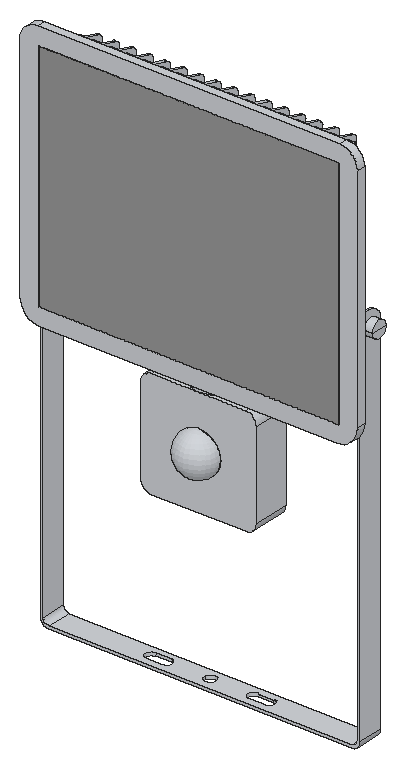
Revit family "0050413", category Lighting Fixtures, Revit 2017
Family settings
  Round Connector Dimension = Use Diameter
  Part Type = Normal
  OmniClass Number = 23.80.70.00
  OmniClass Title = Lighting
  Work Plane-Based = No
  Always vertical = Yes
  Cut with Voids When Loaded = No
  Light Source = Yes
  Shared = No
  Room Calculation Point = No
Parameters (values of type "0050143 ST FLD FLT IP54 PIR 4650LM 830 WH")
  Weight = "4.8 kg"
  Wattage = 46 W
  WarrantyStartDate [instance] = "n/a"
  WarrantyGuarantorParts = "n/a"
  WarrantyDurationUnit = "n/a"
  WarrantyDurationParts = "n/a"
  WarrantyDescription = "n/a"
  built-in parameter 1150110 = 1 (stored number, unit not read)
  Voltage = 0 V
  URL = "http://www.sylvania-lighting.com"
  TypeName = "Start Flood Flat IP54 PIR 4650LM 830 White"
  built-in parameter 1114217 = 1 (stored number, unit not read)
  Tilt Angle = 0.00°
  built-in parameter 1150109 = 1 (stored number, unit not read)
  built-in parameter 1150134 = (empty or 0)
  built-in parameter 1150113 = 1 (stored number, unit not read)
  SerialNumber [instance] = "n/a"
  PowerFactor = 0.9
  PowerConsumption = "46 W"
  Photometric Web File = "0050143.ies"
  NominalWidth = 0 mm
  NominalLength = 235 mm
  NominalHeight = 58 mm
  Name = "Start Flood Flat IP54 PIR 4650LM 830 White"
  ModelReference = "Start Flood Flat IP54 PIR 4650LM 830 White"
  ModelNumber = "0050143"
  Model = "Start Flood Flat IP54 PIR 4650LM 830 White"
  Material_4_FEILO = none
  Material_3_FEILO = none
  Material_2_FEILO = Default New Material
  Material_1_FEILO = none
  Material = "n/a"
  ManufacturerName = "Feilo Sylvania"
  Manufacturer = "Feilo Sylvania"
  LuminousEfficacy = "101 lm/W"
  Lumens = 4646 lm
  LuminaireType = ""
  built-in parameter 1150115 = 1 (stored number, unit not read)
  built-in parameter 1150105 = -7809833.1 (stored number, unit not read)
  LightOutputRatio = "n/a"
  built-in parameter 1150137 = (empty or 0)
  built-in parameter 1150139 = (empty or 0)
  LampsType = "LED"
  LampNominalLuminous = "4650 lm"
  LampMacAdamStep = "5"
  LampColourTemperature = "3000 K"
  LampColourRenderingIndex = "80"
  built-in parameter 1150112 = 1 (stored number, unit not read)
  built-in parameter 1150114 = 1 (stored number, unit not read)
  Lamp = "LED"
  LUM_WIDTH_SYL = 93.5 mm  # constant formula
  LUM_HEIGHT_SYL = 74.5 mm  # constant formula
  LUM_EXTR_ST_SYL = -5 mm
  LUM_EXTR_END_SYL = 0 mm
  LUM_DEPTH_SYL = 30 mm
  Keynote = "16500"
  InstallationDate [instance] = "n/a"
  InputVoltage = "n/a"
  InputNominalFrequency = "n/a"
  built-in parameter 1150132 = 2
  built-in parameter 1150102 = (empty or 0)
  built-in parameter 1150138 = (empty or 0)
  built-in parameter 1150107 = 3000 (stored number, unit not read)
  IngressProtection = "IP65"
  ImpactProtectionIndex = "IK06"
  built-in parameter 1150106 = -78098.3 (stored number, unit not read)
  IfcExportType = "IfcLightFixtureType"
  IfcExportAs = "IfcLightFixtureType"
  ElectricShockClassification = "Class I"
  built-in parameter 1150104 = 9.3832 (stored number, unit not read)
  DocumentationLiterature = "http://www.sylvania-lighting.com/product/en-int/products/0050143"
  DimmingControlOptions = "n/a"
  Dimming Lamp Color Temperature Shift = <None>
  DIF_WIDTH_SYL = 83 mm  # constant formula
  DIF_HEIGHT_SYL = 65 mm  # constant formula
  CreatedOn = "12/2/2020"
  CreatedBy = "@sylvania-lighting.com"
  Color Filter = 16777215
  ClassificationValue = "EF_70_80"
  ClassificationName = "Uniclass2015"
  CABLE_SIDE_DIST_SYL = 47 mm
  CABLE_LENGTH_SYL = 5 mm
  CABLE_FRONT_DIST_SYL = 17.5 mm
  CABLES_DIST_SYL = 93 mm
  BarCode [instance] = "n/a"
  built-in parameter 1114218 = 1 (stored number, unit not read)
  B_RAIL_R_DIST_SYL = 7 mm
  B_RAIL_HEIGHT_SYL = 27 mm
  B_RAIL_DEPTH_SYL = 44 mm
  B_RAIL_CHAMFER_SYL = 7 mm
  BRACKET_HOLDER_WIDTH_SYL = 12 mm
  BRACKET_HOLDER_HEIGHT_SYL = 17 mm
  BRACKET_HOLDER_DIST_SIDE_SYL = 2.8 mm
  BRACKET_HOLDER_DIST_BOTT_SYL = 48 mm
  BRACKET_HOLDER_DEPTH_SYL = 5.7 mm
  BOX_WIDTH_SYL = 76.5 mm
  BOX_TOP_DIST_SYL = 10.5 mm
  BOX_DEPTH_SYL = 14 mm
  BOX_BOTT_DIST_SYL = 28 mm
  BACK_RAIL_WIDTH_SYL = 1.4 mm
  BACK_RAIL_SIDE_DIST_SYL = 19 mm
  BACK_PL_EXTR_ST_SYL = -6 mm
  BACK_PL_EXTR_ST(-1)_SYL = BACK_PL_EXTR_ST_SYL * (-1)  # 6 mm
  BACK_PL_EXTR_END_SYL = -3 mm
  BACK_PL_EXTR_END(-1)_SYL = BACK_PL_EXTR_END_SYL * (-1)  # 3 mm
  built-in parameter 1150133 = 10 (stored number, unit not read)
  AssetType = "Fixed"
  AssetIdentifier [instance] = "n/a"
  Assembly Code = "D5020200"
  Apparent Load = 46 VA
  0_18W_SYL = yes
Types (4, lengths in mm): name | TypeName | built-in parameter 1150134 | Photometric Web File | Name | ModelReference | ModelNumber | Model | LuminousEfficacy | Lumens | built-in parameter 1150105 | LampNominalLuminous | LampColourTemperature | built-in parameter 1150107 | built-in parameter 1150106 | built-in parameter 1150104 | DocumentationLiterature
  0050144 ST FLD FLT IP54 PIR 5000LM 840 WH | "Start Flood Flat IP54 PIR 5000LM 840 White" | 12 | "0050144.ies" | "Start Flood Flat IP54 PIR 5000LM 840 White" | "Start Flood Flat IP54 PIR 5000LM 840 White" | "0050144" | "Start Flood Flat IP54 PIR 5000LM 840 White" | "109 lm/W" | 5014 lm | -9062805 (stored number, unit not read) | "5000 lm" | "4000 K" | 4000 (stored number, unit not read) | -90628.1 (stored number, unit not read) | 10.126 (stored number, unit not read) | "http://www.sylvania-lighting.com/product/en-int/products/0050144"
  0050143 ST FLD FLT IP54 PIR 4650LM 830 WH | "Start Flood Flat IP54 PIR 4650LM 830 White" | (empty or 0) | "0050143.ies" | "Start Flood Flat IP54 PIR 4650LM 830 White" | "Start Flood Flat IP54 PIR 4650LM 830 White" | "0050143" | "Start Flood Flat IP54 PIR 4650LM 830 White" | "101 lm/W" | 4646 lm | -7809833.1 (stored number, unit not read) | "4650 lm" | "3000 K" | 3000 (stored number, unit not read) | -78098.3 (stored number, unit not read) | 9.3832 (stored number, unit not read) | "http://www.sylvania-lighting.com/product/en-int/products/0050143"
  0050142 ST FLD FLT IP54 PIR 5000LM 840 BK | "Start Flood Flat IP54 PIR 5000LM 840 Black" | 12 | "0050142.ies" | "Start Flood Flat IP54 PIR 5000LM 840 Black" | "Start Flood Flat IP54 PIR 5000LM 840 Black" | "0050142" | "Start Flood Flat IP54 PIR 5000LM 840 Black" | "109 lm/W" | 5014 lm | -9062805 (stored number, unit not read) | "5000 lm" | "4000 K" | 4000 (stored number, unit not read) | -90628.1 (stored number, unit not read) | 10.126 (stored number, unit not read) | "http://www.sylvania-lighting.com/product/en-int/products/0050142"
  0050141 ST FLD FLT IP54 PIR 4650LM 830 BK | "Start Flood Flat IP54 PIR 4650LM 830 Black" | (empty or 0) | "0050141.ies" | "Start Flood Flat IP54 PIR 4650LM 830 Black" | "Start Flood Flat IP54 PIR 4650LM 830 Black" | "0050141" | "Start Flood Flat IP54 PIR 4650LM 830 Black" | "101 lm/W" | 4646 lm | -7809833.1 (stored number, unit not read) | "4650 lm" | "3000 K" | 3000 (stored number, unit not read) | -78098.3 (stored number, unit not read) | 9.3832 (stored number, unit not read) | "http://www.sylvania-lighting.com/product/en-int/products/0050141"
Reference planes
  plane 1 "Light Source Axis (F/B)": y = 0
  plane 2: z = 0
  plane 3 "Light Source Axis (L/R)": x = 0
  plane 4 "Light Source Elevation": z = -0.469
  plane 5: x = 93.5
  plane 6: x = -93.5
  plane 7: z = 74.5
  plane 8: z = -74.5
  plane 9: x = 83
  plane 10: x = -83
  plane 11: z = 65
  plane 12: z = -65
  plane 13: y = 6
  plane 14: y = 3
  plane 15: x = -76.5
  plane 16: x = 76.5
  plane 17: y = 20
  plane 18: z = 64
  plane 19: z = -46.5
  plane 20: y = 30
  plane 21: z = -26.5
  plane 22: z = -14.5
  plane 23: y = 21
  plane 24: x = 54.2
  plane 25: x = 39.5
  plane 26: x = 46.5
  plane 27: x = -46.5
  plane 28: y = 14
  plane 29: z = -38
  plane 30: y = 27
  plane 31: z = -2.5
  plane 32: z = -9.5
  plane 33: x = 74.5
  plane 34: x = 73.1
  plane 35: x = 66.1
  plane 36: x = 20.8
  plane 37: x = 13.8
  plane 38: x = 12.4
  plane 39: x = 5.4
  plane 40: x = 4
  plane 41: z = -50.4
  plane 42: x = -71.3
  plane 43: x = -69.7
  plane 44: x = 87.1
  plane 45: x = 80.1
  plane 46: z = -76.1
Forms (mm)
  Extrusion 1, solid
    sketch origin (0, 0, 0) x (1, 0, 0) y (0, 0, 1)
      loop
        arc (-83.5, 74.5) -> (-90.571, 71.571) -> (-93.5, 64.5) r 10
        line (-93.5, 64.5) -> (-93.5, -63)
        arc (-93.5, -63) -> (-90.132, -71.132) -> (-82, -74.5) r 11.5
        line (-82, -74.5) -> (82, -74.5)
        arc (82, -74.5) -> (90.132, -71.132) -> (93.5, -63) r 11.5
        line (93.5, -63) -> (93.5, 64.5)
        arc (93.5, 64.5) -> (90.571, 71.571) -> (83.5, 74.5) r 10
        line (83.5, 74.5) -> (-83.5, 74.5)
      loop
        line (-83, 65) -> (-83, -65) -> (83, -65) -> (83, 65) -> (-83, 65)
    from -5 <- "LUM_EXTR_ST_SYL" to 0 <- "LUM_EXTR_END_SYL"
  Extrusion 2, solid, material "Default New Material" <- "Material_2_FEILO"
    sketch origin (0, 0, 0) x (1, 0, 0) y (0, 0, 1)
      loop
        line (-83, 65) -> (-83, -65) -> (83, -65) -> (83, 65) -> (-83, 65)
    from -3 <- "BACK_PL_EXTR_END_SYL" to 0 <- "LUM_EXTR_END_SYL"
  Extrusion 3, solid
    sketch origin (0, 0, 0) x (1, 0, 0) y (0, 0, 1)
      loop
        line (83, 65) -> (-83, 65) -> (-83, -65) -> (83, -65) -> (83, 65)
    from -6 <- "BACK_PL_EXTR_ST_SYL" to -3 <- "BACK_PL_EXTR_END_SYL"
  Extrusion 4, solid
    sketch origin (0, 0, 0) x (1, 0, 0) y (0, 1, 0)
      loop
        arc (-75.5, 20) -> (-76.207, 19.707) -> (-76.5, 19) r 1
        line (-76.5, 19) -> (-76.5, 6) -> (76.5, 6) -> (76.5, 19)
        arc (76.5, 19) -> (76.207, 19.707) -> (75.5, 20) r 1
        line (75.5, 20) -> (-75.5, 20)
    from -46.5 to 64
  Extrusion 5, solid
    sketch origin (0, 0, 0) x (1, 0, 0) y (0, 1, 0)
      loop
        arc (-66.5, 30) -> (-73.571, 27.071) -> (-76.5, 20) r 10
        line (-76.5, 20) -> (-76.5, 6) -> (76.5, 6) -> (76.5, 20)
        arc (76.5, 20) -> (73.571, 27.071) -> (66.5, 30) r 10
        line (66.5, 30) -> (-66.5, 30)
    from -65 to -46.5
  Extrusion 6, solid
    sketch origin (0, 0, 0) x (0, 1, 0) y (0, 0, 1)
      loop
        line (5, -14.5) -> (5, -26.5) -> (15, -26.5)
        arc (15, -26.5) -> (19.243, -24.743) -> (21, -20.5) r 6
        arc (21, -20.5) -> (19.243, -16.257) -> (15, -14.5) r 6
        line (15, -14.5) -> (5, -14.5)
      loop
        circle (15, -20.5) r 2.5
    from 80.1 to 87.1
  Extrusion 7, solid
    sketch origin (0, 0, 0) x (1, 0, 0) y (0, 1, 0)
      loop
        circle (-46.5, 14) r 7
      loop
        circle (46.5, 14) r 9
    from -59.1 to -76.1
  Extrusion 8, solid
    sketch origin (75.017, 5.639, -10.469) x (0, 1, 0) y (0, 0, 1)
      loop
        line (-0.625, -36.469) -> (21.299, -36.469) -> (21.299, 71.149)
        arc (21.299, 71.149) -> (20.908, 73.206) -> (19.238, 74.469) r 2.911
        line (19.238, 74.469) -> (-0.625, 80.168) -> (-0.625, 15.688) -> (-0.625, -36.469)
    from -146.317 to -144.717
  Extrusion 9, solid
    sketch origin (-75.017, 5.639, -10.469) x (0, 1, 0) y (0, 0, -1)
      loop
        line (-0.625, 36.469) -> (-0.625, -15.688) -> (-0.625, -80.168) -> (19.238, -74.469)
        arc (19.238, -74.469) -> (20.908, -73.206) -> (21.299, -71.149) r 2.911
        line (21.299, -71.149) -> (21.299, 36.469) -> (-0.625, 36.469)
    from -146.317 to -144.717
  Extrusion 10, solid
    sketch origin (216.017, 5.639, -10.469) x (0, 1, 0) y (0, 0, 1)
      loop
        line (-0.625, -36.469) -> (21.299, -36.469) -> (21.299, 71.149)
        arc (21.299, 71.149) -> (20.908, 73.206) -> (19.238, 74.469) r 2.911
        line (19.238, 74.469) -> (-0.625, 80.168) -> (-0.625, 15.688) -> (-0.625, -36.469)
    from -146.317 to -144.717
  Extrusion 11, solid
    sketch origin (84.417, 5.639, -10.469) x (0, 1, 0) y (0, 0, 1)
      loop
        line (-0.625, -36.469) -> (21.299, -36.469) -> (21.299, 71.149)
        arc (21.299, 71.149) -> (20.908, 73.206) -> (19.238, 74.469) r 2.911
        line (19.238, 74.469) -> (-0.625, 80.168) -> (-0.625, 15.688) -> (-0.625, -36.469)
    from -146.317 to -144.717
  Extrusion 12, solid
    sketch origin (93.817, 5.639, -10.469) x (0, 1, 0) y (0, 0, 1)
      loop
        line (-0.625, -36.469) -> (21.299, -36.469) -> (21.299, 71.149)
        arc (21.299, 71.149) -> (20.908, 73.206) -> (19.238, 74.469) r 2.911
        line (19.238, 74.469) -> (-0.625, 80.168) -> (-0.625, 15.688) -> (-0.625, -36.469)
    from -146.317 to -144.717
  Extrusion 13, solid
    sketch origin (103.217, 5.639, -10.469) x (0, 1, 0) y (0, 0, 1)
      loop
        line (-0.625, -36.469) -> (21.299, -36.469) -> (21.299, 71.149)
        arc (21.299, 71.149) -> (20.908, 73.206) -> (19.238, 74.469) r 2.911
        line (19.238, 74.469) -> (-0.625, 80.168) -> (-0.625, 15.688) -> (-0.625, -36.469)
    from -146.317 to -144.717
  Extrusion 14, solid
    sketch origin (112.617, 5.639, -10.469) x (0, 1, 0) y (0, 0, 1)
      loop
        line (-0.625, -36.469) -> (21.299, -36.469) -> (21.299, 71.149)
        arc (21.299, 71.149) -> (20.908, 73.206) -> (19.238, 74.469) r 2.911
        line (19.238, 74.469) -> (-0.625, 80.168) -> (-0.625, 15.688) -> (-0.625, -36.469)
    from -146.317 to -144.717
  Extrusion 15, solid
    sketch origin (122.017, 5.639, -10.469) x (0, 1, 0) y (0, 0, 1)
      loop
        line (-0.625, -36.469) -> (21.299, -36.469) -> (21.299, 71.149)
        arc (21.299, 71.149) -> (20.908, 73.206) -> (19.238, 74.469) r 2.911
        line (19.238, 74.469) -> (-0.625, 80.168) -> (-0.625, 15.688) -> (-0.625, -36.469)
    from -146.317 to -144.717
  Extrusion 16, solid
    sketch origin (131.417, 5.639, -10.469) x (0, 1, 0) y (0, 0, 1)
      loop
        line (-0.625, -36.469) -> (21.299, -36.469) -> (21.299, 71.149)
        arc (21.299, 71.149) -> (20.908, 73.206) -> (19.238, 74.469) r 2.911
        line (19.238, 74.469) -> (-0.625, 80.168) -> (-0.625, 15.688) -> (-0.625, -36.469)
    from -146.317 to -144.717
  Extrusion 17, solid
    sketch origin (140.817, 5.639, -10.469) x (0, 1, 0) y (0, 0, 1)
      loop
        line (-0.625, -36.469) -> (21.299, -36.469) -> (21.299, 71.149)
        arc (21.299, 71.149) -> (20.908, 73.206) -> (19.238, 74.469) r 2.911
        line (19.238, 74.469) -> (-0.625, 80.168) -> (-0.625, 15.688) -> (-0.625, -36.469)
    from -146.317 to -144.717
  Extrusion 18, solid
    sketch origin (150.217, 5.639, -10.469) x (0, 1, 0) y (0, 0, 1)
      loop
        line (-0.625, -36.469) -> (21.299, -36.469) -> (21.299, 71.149)
        arc (21.299, 71.149) -> (20.908, 73.206) -> (19.238, 74.469) r 2.911
        line (19.238, 74.469) -> (-0.625, 80.168) -> (-0.625, 15.688) -> (-0.625, -36.469)
    from -146.317 to -144.717
  Extrusion 19, solid
    sketch origin (159.617, 5.639, -10.469) x (0, 1, 0) y (0, 0, 1)
      loop
        line (-0.625, -36.469) -> (21.299, -36.469) -> (21.299, 71.149)
        arc (21.299, 71.149) -> (20.908, 73.206) -> (19.238, 74.469) r 2.911
        line (19.238, 74.469) -> (-0.625, 80.168) -> (-0.625, 15.688) -> (-0.625, -36.469)
    from -146.317 to -144.717
  Extrusion 20, solid
    sketch origin (169.017, 5.639, -10.469) x (0, 1, 0) y (0, 0, 1)
      loop
        line (-0.625, -36.469) -> (21.299, -36.469) -> (21.299, 71.149)
        arc (21.299, 71.149) -> (20.908, 73.206) -> (19.238, 74.469) r 2.911
        line (19.238, 74.469) -> (-0.625, 80.168) -> (-0.625, 15.688) -> (-0.625, -36.469)
    from -146.317 to -144.717
  Extrusion 21, solid
    sketch origin (178.417, 5.639, -10.469) x (0, 1, 0) y (0, 0, 1)
      loop
        line (-0.625, -36.469) -> (21.299, -36.469) -> (21.299, 71.149)
        arc (21.299, 71.149) -> (20.908, 73.206) -> (19.238, 74.469) r 2.911
        line (19.238, 74.469) -> (-0.625, 80.168) -> (-0.625, 15.688) -> (-0.625, -36.469)
    from -146.317 to -144.717
  Extrusion 22, solid
    sketch origin (187.817, 5.639, -10.469) x (0, 1, 0) y (0, 0, 1)
      loop
        line (-0.625, -36.469) -> (21.299, -36.469) -> (21.299, 71.149)
        arc (21.299, 71.149) -> (20.908, 73.206) -> (19.238, 74.469) r 2.911
        line (19.238, 74.469) -> (-0.625, 80.168) -> (-0.625, 15.688) -> (-0.625, -36.469)
    from -146.317 to -144.717
  Extrusion 23, solid
    sketch origin (197.217, 5.639, -10.469) x (0, 1, 0) y (0, 0, 1)
      loop
        line (-0.625, -36.469) -> (21.299, -36.469) -> (21.299, 71.149)
        arc (21.299, 71.149) -> (20.908, 73.206) -> (19.238, 74.469) r 2.911
        line (19.238, 74.469) -> (-0.625, 80.168) -> (-0.625, 15.688) -> (-0.625, -36.469)
    from -146.317 to -144.717
  Extrusion 24, solid
    sketch origin (206.617, 5.639, -10.469) x (0, 1, 0) y (0, 0, 1)
      loop
        line (-0.625, -36.469) -> (21.299, -36.469) -> (21.299, 71.149)
        arc (21.299, 71.149) -> (20.908, 73.206) -> (19.238, 74.469) r 2.911
        line (19.238, 74.469) -> (-0.625, 80.168) -> (-0.625, 15.688) -> (-0.625, -36.469)
    from -146.317 to -144.717
  Extrusion 25, solid
    sketch origin (0, 0, 0) x (0, 1, 0) y (0, 0, -1)
      loop
        line (5, 14.5) -> (15, 14.5)
        arc (15, 14.5) -> (19.243, 16.257) -> (21, 20.5) r 6
        arc (21, 20.5) -> (19.243, 24.743) -> (15, 26.5) r 6
        line (15, 26.5) -> (5, 26.5) -> (5, 14.5)
      loop
        circle (15, 20.5) r 2.5
    from 80.1 to 87.1
Cuts and joins
  joined: Extrusion 1, Extrusion 3, Extrusion 4, Extrusion 5
Dimensions and locks
  "LUM_WIDTH_SYL": plane 5 to plane 3 "Light Source Axis (L/R)" to plane 6
  "LUM_HEIGHT_SYL": plane 7 to plane 2 to plane 8
  "DIF_WIDTH_SYL": plane 9 to plane 3 "Light Source Axis (L/R)" to plane 10
  "DIF_HEIGHT_SYL": plane 11 to plane 2 to plane 12
  "BACK_PL_EXTR_ST(-1)_SYL": plane 1 "Light Source Axis (F/B)" to plane 13
  "BACK_PL_EXTR_END(-1)_SYL": plane 1 "Light Source Axis (F/B)" to plane 14
  "BOX_WIDTH_SYL": plane 15 to plane 3 "Light Source Axis (L/R)" to plane 16
  "BOX_DEPTH_SYL": plane 13 to plane 17
  "BOX_TOP_DIST_SYL": plane 18 to plane 7
  "BOX_BOTT_DIST_SYL": plane 8 to plane 19
  "LUM_DEPTH_SYL": plane 1 "Light Source Axis (F/B)" to plane 20
  "BRACKET_HOLDER_DIST_BOTT_SYL": plane 21 to plane 8
  "BRACKET_HOLDER_WIDTH_SYL": plane 22 to plane 21
  cut or joined group of Extrusion 1, Extrusion 3, Extrusion 4, Extrusion 5 to plane 23 = 15 mm
  cut or joined group of Extrusion 1, Extrusion 3, Extrusion 4, Extrusion 5 to plane 24 = 39.3 mm
  plane 25 to plane 24 = 14.7 mm
  "CABLES_DIST_SYL": plane 27 to plane 26
  "CABLE_SIDE_DIST_SYL": plane 26 to plane 5
  cut or joined group of Extrusion 1, Extrusion 3, Extrusion 4, Extrusion 5 to plane 28 = 14 mm
  "B_RAIL_HEIGHT_SYL": plane 30 to plane 1 "Light Source Axis (F/B)"
  "B_RAIL_DEPTH_SYL": plane 31 to plane 19
  "B_RAIL_CHAMFER_SYL": plane 31 to plane 32
  "BACK_RAIL_SIDE_DIST_SYL": plane 5 to plane 33
  "BACK_RAIL_WIDTH_SYL": plane 33 to plane 34
  "B_RAIL_R_DIST_SYL": plane 34 to plane 35
  "B_RAIL_R_DIST_SYL": plane 36 to plane 37
  "BACK_RAIL_WIDTH_SYL": plane 37 to plane 38
  "BACK_RAIL_WIDTH_SYL": plane 39 to plane 40
  "B_RAIL_R_DIST_SYL": plane 38 to plane 39
  plane 35 to plane 26 = 19.6 mm
  equal spacing: group 1, group 3, group 4, group 5, group 6, group 7, group 8, group 9, group 10, group 11, group 12, group 13, group 14, group 15, group 16, group 2  (x3)
  aligned and locked: plane 4 "Light Source Elevation" to imposter light
  aligned and locked: level to plane 2
  aligned and locked: Extrusion 1 sketch curve to plane 7
  aligned and locked: plane 6 to Extrusion 1 sketch curve
  aligned and locked: plane 8 to Extrusion 1 sketch curve
  aligned and locked: Extrusion 1 sketch curve to plane 5
  aligned and locked: Extrusion 1 sketch curve to plane 11
  aligned and locked: plane 10 to Extrusion 1 sketch curve
  aligned and locked: plane 12 to Extrusion 1 sketch curve
  aligned and locked: Extrusion 1 sketch curve to plane 9
  aligned and locked: Extrusion 2 sketch curve to Extrusion 1  (x4)
  aligned and locked: Extrusion 3 sketch curve to Extrusion 1  (x4)
  aligned and locked: Extrusion 3 to Extrusion 2
  aligned and locked: plane 17 to Extrusion 4 sketch curve
  aligned and locked: plane 15 to Extrusion 4 sketch curve
  aligned and locked: Extrusion 4 sketch curve to plane 13
  aligned and locked: Extrusion 4 sketch curve to plane 16
  aligned and locked: plane 18 to Extrusion 4
  aligned and locked: Extrusion 4 to plane 19
  aligned and locked: plane 20 to Extrusion 5 sketch curve
  aligned and locked: plane 15 to Extrusion 5 sketch curve
  aligned and locked: cut or joined group of Extrusion 1, Extrusion 3, Extrusion 4, Extrusion 5 to Extrusion 5 sketch curve
  aligned and locked: Extrusion 5 sketch curve to cut or joined group of Extrusion 1, Extrusion 3, Extrusion 4, Extrusion 5
  aligned and locked: plane 19 to Extrusion 5
  aligned and locked: Extrusion 5 to plane 12
  aligned and locked: Extrusion 6 sketch curve to plane 22
  aligned and locked: plane 21 to Extrusion 6 sketch curve
  aligned and locked: Extrusion 6 to cut or joined group of Extrusion 1, Extrusion 3, Extrusion 4, Extrusion 5
  aligned and locked: Extrusion 8 to plane 42
  aligned and locked: Extrusion 8 to plane 43
  aligned and locked: Extrusion 6 to plane 44
  aligned and locked: plane 45 to Extrusion 6
  aligned and locked: Extrusion 7 to plane 46
Automatic sketch dimensions
  Extrusion 8 sketch curve to Extrusion 8 sketch curve = 19.06 mm
  Extrusion 8 sketch curve to Extrusion 8 sketch curve = 0.803 mm
  Extrusion 8 sketch curve to Extrusion 8 sketch curve = 21.924 mm
  Extrusion 8 sketch curve to Extrusion 8 sketch curve = 52.156 mm
  Extrusion 8 sketch curve to Extrusion 8 sketch curve = 55.461 mm
  Extrusion 8 sketch curve to Extrusion 8 sketch curve = 0.521 mm
  Extrusion 10 sketch curve to Extrusion 10 sketch curve = 19.06 mm
  Extrusion 10 sketch curve to Extrusion 10 sketch curve = 0.803 mm
  Extrusion 10 sketch curve to Extrusion 10 sketch curve = 21.924 mm
  Extrusion 10 sketch curve to Extrusion 10 sketch curve = 52.156 mm
  Extrusion 10 sketch curve to Extrusion 10 sketch curve = 55.461 mm
  Extrusion 10 sketch curve to Extrusion 10 sketch curve = 0.521 mm
  Extrusion 11 sketch curve to Extrusion 11 sketch curve = 19.06 mm
  Extrusion 11 sketch curve to Extrusion 11 sketch curve = 0.803 mm
  Extrusion 11 sketch curve to Extrusion 11 sketch curve = 21.924 mm
  Extrusion 11 sketch curve to Extrusion 11 sketch curve = 52.156 mm
  Extrusion 11 sketch curve to Extrusion 11 sketch curve = 55.461 mm
  Extrusion 11 sketch curve to Extrusion 11 sketch curve = 0.521 mm
  Extrusion 12 sketch curve to Extrusion 12 sketch curve = 19.06 mm
  Extrusion 12 sketch curve to Extrusion 12 sketch curve = 0.803 mm
  Extrusion 12 sketch curve to Extrusion 12 sketch curve = 21.924 mm
  Extrusion 12 sketch curve to Extrusion 12 sketch curve = 52.156 mm
  Extrusion 12 sketch curve to Extrusion 12 sketch curve = 55.461 mm
  Extrusion 12 sketch curve to Extrusion 12 sketch curve = 0.521 mm
  Extrusion 13 sketch curve to Extrusion 13 sketch curve = 19.06 mm
  Extrusion 13 sketch curve to Extrusion 13 sketch curve = 0.803 mm
  Extrusion 13 sketch curve to Extrusion 13 sketch curve = 21.924 mm
  Extrusion 13 sketch curve to Extrusion 13 sketch curve = 52.156 mm
  Extrusion 13 sketch curve to Extrusion 13 sketch curve = 55.461 mm
  Extrusion 13 sketch curve to Extrusion 13 sketch curve = 0.521 mm
  Extrusion 14 sketch curve to Extrusion 14 sketch curve = 19.06 mm
  Extrusion 14 sketch curve to Extrusion 14 sketch curve = 0.803 mm
  Extrusion 14 sketch curve to Extrusion 14 sketch curve = 21.924 mm
  Extrusion 14 sketch curve to Extrusion 14 sketch curve = 52.156 mm
  Extrusion 14 sketch curve to Extrusion 14 sketch curve = 55.461 mm
  Extrusion 14 sketch curve to Extrusion 14 sketch curve = 0.521 mm
  Extrusion 15 sketch curve to Extrusion 15 sketch curve = 19.06 mm
  Extrusion 15 sketch curve to Extrusion 15 sketch curve = 0.803 mm
  Extrusion 15 sketch curve to Extrusion 15 sketch curve = 21.924 mm
  Extrusion 15 sketch curve to Extrusion 15 sketch curve = 52.156 mm
  Extrusion 15 sketch curve to Extrusion 15 sketch curve = 55.461 mm
  Extrusion 15 sketch curve to Extrusion 15 sketch curve = 0.521 mm
  Extrusion 16 sketch curve to Extrusion 16 sketch curve = 19.06 mm
  Extrusion 16 sketch curve to Extrusion 16 sketch curve = 0.803 mm
  Extrusion 16 sketch curve to Extrusion 16 sketch curve = 21.924 mm
  Extrusion 16 sketch curve to Extrusion 16 sketch curve = 52.156 mm
  Extrusion 16 sketch curve to Extrusion 16 sketch curve = 55.461 mm
  Extrusion 16 sketch curve to Extrusion 16 sketch curve = 0.521 mm
  Extrusion 17 sketch curve to Extrusion 17 sketch curve = 19.06 mm
  Extrusion 17 sketch curve to Extrusion 17 sketch curve = 0.803 mm
  Extrusion 17 sketch curve to Extrusion 17 sketch curve = 21.924 mm
  Extrusion 17 sketch curve to Extrusion 17 sketch curve = 52.156 mm
  Extrusion 17 sketch curve to Extrusion 17 sketch curve = 55.461 mm
  Extrusion 17 sketch curve to Extrusion 17 sketch curve = 0.521 mm
  Extrusion 18 sketch curve to Extrusion 18 sketch curve = 19.06 mm
  Extrusion 18 sketch curve to Extrusion 18 sketch curve = 0.803 mm
  Extrusion 18 sketch curve to Extrusion 18 sketch curve = 21.924 mm
  Extrusion 18 sketch curve to Extrusion 18 sketch curve = 52.156 mm
  Extrusion 18 sketch curve to Extrusion 18 sketch curve = 55.461 mm
  Extrusion 18 sketch curve to Extrusion 18 sketch curve = 0.521 mm
  Extrusion 19 sketch curve to Extrusion 19 sketch curve = 19.06 mm
  Extrusion 19 sketch curve to Extrusion 19 sketch curve = 0.803 mm
  Extrusion 19 sketch curve to Extrusion 19 sketch curve = 21.924 mm
  Extrusion 19 sketch curve to Extrusion 19 sketch curve = 52.156 mm
  Extrusion 19 sketch curve to Extrusion 19 sketch curve = 55.461 mm
  Extrusion 19 sketch curve to Extrusion 19 sketch curve = 0.521 mm
  Extrusion 20 sketch curve to Extrusion 20 sketch curve = 19.06 mm
  Extrusion 20 sketch curve to Extrusion 20 sketch curve = 0.803 mm
  Extrusion 20 sketch curve to Extrusion 20 sketch curve = 21.924 mm
  Extrusion 20 sketch curve to Extrusion 20 sketch curve = 52.156 mm
  Extrusion 20 sketch curve to Extrusion 20 sketch curve = 55.461 mm
  Extrusion 20 sketch curve to Extrusion 20 sketch curve = 0.521 mm
  Extrusion 21 sketch curve to Extrusion 21 sketch curve = 19.06 mm
  Extrusion 21 sketch curve to Extrusion 21 sketch curve = 0.803 mm
  Extrusion 21 sketch curve to Extrusion 21 sketch curve = 21.924 mm
  Extrusion 21 sketch curve to Extrusion 21 sketch curve = 52.156 mm
  Extrusion 21 sketch curve to Extrusion 21 sketch curve = 55.461 mm
  Extrusion 21 sketch curve to Extrusion 21 sketch curve = 0.521 mm
  Extrusion 22 sketch curve to Extrusion 22 sketch curve = 19.06 mm
  Extrusion 22 sketch curve to Extrusion 22 sketch curve = 0.803 mm
  Extrusion 22 sketch curve to Extrusion 22 sketch curve = 21.924 mm
  Extrusion 22 sketch curve to Extrusion 22 sketch curve = 52.156 mm
  Extrusion 22 sketch curve to Extrusion 22 sketch curve = 55.461 mm
  Extrusion 22 sketch curve to Extrusion 22 sketch curve = 0.521 mm
  Extrusion 23 sketch curve to Extrusion 23 sketch curve = 19.06 mm
  Extrusion 23 sketch curve to Extrusion 23 sketch curve = 0.803 mm
  Extrusion 23 sketch curve to Extrusion 23 sketch curve = 21.924 mm
  Extrusion 23 sketch curve to Extrusion 23 sketch curve = 52.156 mm
  Extrusion 23 sketch curve to Extrusion 23 sketch curve = 55.461 mm
  Extrusion 23 sketch curve to Extrusion 23 sketch curve = 0.521 mm
  Extrusion 24 sketch curve to Extrusion 24 sketch curve = 19.06 mm
  Extrusion 24 sketch curve to Extrusion 24 sketch curve = 0.803 mm
  Extrusion 24 sketch curve to Extrusion 24 sketch curve = 21.924 mm
  Extrusion 24 sketch curve to Extrusion 24 sketch curve = 52.156 mm
  Extrusion 24 sketch curve to Extrusion 24 sketch curve = 55.461 mm
  Extrusion 24 sketch curve to Extrusion 24 sketch curve = 0.521 mm
  Extrusion 1 sketch curve to plane 10 = 0.5 mm
  plane 10 to Extrusion 1 sketch curve = 1 mm
  Extrusion 1 sketch curve to plane 9 = 1 mm
  plane 9 to Extrusion 1 sketch curve = 0.5 mm
  plane 15 to Extrusion 4 sketch curve = 1 mm
  Extrusion 4 sketch curve to plane 16 = 1 mm
  Extrusion 5 sketch curve to plane 15 = 0 mm
  plane 17 to Extrusion 5 sketch curve = 0 mm  (x2)
  Extrusion 6 sketch curve to Extrusion 6 sketch curve = 0 mm  (x5)
  Extrusion 6 sketch curve to plane 23 = 0 mm
  plane 13 to Extrusion 6 sketch curve = 1 mm
  Extrusion 7 sketch curve to plane 27 = 0 mm
  Extrusion 7 sketch curve to plane 26 = 0 mm
  Extrusion 7 sketch curve to plane 28 = 0 mm  (x2)
  Extrusion 9 sketch curve to plane 18 = 0 mm
  Extrusion 9 sketch curve to plane 19 = 0.438 mm
  plane 13 to Extrusion 9 sketch curve = 0.986 mm
  plane 30 to Extrusion 9 sketch curve = 2.927 mm
  plane 30 to Extrusion 9 sketch curve = 2.124 mm
  plane 30 to Extrusion 9 sketch curve = 0.062 mm
  Extrusion 9 sketch curve to plane 7 = 4.801 mm
  level to Extrusion 9 sketch curve = 5.219 mm
  Extrusion 25 sketch curve to Extrusion 25 sketch curve = 0 mm  (x6)
  Extrusion 25 sketch curve to plane 21 = 0 mm
  Extrusion 25 sketch curve to plane 22 = 0 mm
  Extrusion 25 sketch curve to plane 23 = 0 mm
  plane 13 to Extrusion 25 sketch curve = 1 mm
  radius of Extrusion 6 sketch curve = 2.5 mm
  radius of Extrusion 7 sketch curve = 7 mm
  radius of Extrusion 7 sketch curve = 9 mm
  radius of Extrusion 25 sketch curve = 2.5 mm
Nested families
  nested 1: "START Flood Flat - 45W_bracket - PIR" at (0, 15, -191.041), type "START Flood Flat - 45W_bracket - PIR"
  nested 2: "bolt" at (88.6, 15, -20.541), type "bolt"
  nested 3: "bolt" at (-88.6, 15, -20.541) x (-1, 0, 0) z (0, 0, 1), type "bolt"
  nested 4: "PIR" at (0, 6.989, -111.015) x (-1, 0, 0) z (0, 0, 1), type "PIR"
Definition of nested family "START Flood Flat - 45W_bracket - PIR"
  Parameters (values of type "START Flood Flat - 45W_bracket - PIR")
    WIDTH_SYL = 177.2 mm
    THICKNESS_SYL = 1.5 mm
    Material_4_SYL = none
    Material_3_SYL = none
    Material_2_SYL = none
    Material_1_SYL = none
    HOLE_DIST_SYL = 8.5 mm
    HOLE2_DIST_SYL = 8 mm
    HEIGHT_SYL = 216 mm
    HALF_SYL = WIDTH_SYL / 2  # 88.6 mm
    FILLET_SYL = 7 mm
    DEPTH_2_SYL = -7 mm
    DEPTH_1_SYL = 7 mm
    CUTOUT_DIST_SYL = 24.2 mm
  Reference planes
    plane 1 "Center (Front/Back)": y = 0
    plane 2: z = 0
    plane 3 "Center (Left/Right)": x = 0
    plane 4: x = -88.6
    plane 5: x = 88.6
    plane 6: z = -37.5
    plane 7: z = 178.5
    plane 8: x = -87.1
    plane 9: z = -36
    plane 10: x = 87.1
    plane 11: z = 170.5
    plane 12: z = 171.5
    plane 13: x = 24.2
    plane 14: x = -24.2
    plane 15: x = 32.7
    plane 16: x = -32.7
  Forms (mm)
    Extrusion 1, solid
      sketch origin (0, 0, 0) x (1, 0, 0) y (0, 0, 1)
        loop
          arc (-88.6, -33) -> (-87.282, -36.182) -> (-84.1, -37.5) r 4.5
          line (-84.1, -37.5) -> (84.1, -37.5)
          arc (84.1, -37.5) -> (87.282, -36.182) -> (88.6, -33) r 4.5
          line (88.6, -33) -> (88.6, 178.5) -> (87.1, 178.5) -> (87.1, -33)
          arc (87.1, -33) -> (86.221, -35.121) -> (84.1, -36) r 3
          line (84.1, -36) -> (-84.1, -36)
          arc (-84.1, -36) -> (-86.221, -35.121) -> (-87.1, -33) r 3
          line (-87.1, -33) -> (-87.1, 178.5) -> (-88.6, 178.5) -> (-88.6, -33)
      from -7 <- "DEPTH_2_SYL" to 7 <- "DEPTH_1_SYL"
    Extrusion 2, void
      sketch origin (0, 0, 0) x (0, 1, 0) y (0, 0, 1)
        loop
          circle (0, 170.5) r 3.15
      from -88.6 to 88.6
    Extrusion 3, void
      sketch origin (0, 0, 0) x (0, 1, 0) y (0, 0, 1)
        loop
          line (7, 171.5) -> (14.83, 184.08) -> (-15.17, 184.08) -> (-7, 171.5)
          arc (-7, 171.5) -> (-4.95, 176.45) -> (0, 178.5) r 7
          arc (0, 178.5) -> (4.95, 176.45) -> (7, 171.5) r 7
      from -88.6 to 88.6
    Extrusion 4, void
      sketch origin (0, 0, 0) x (1, 0, 0) y (0, 1, 0)
        loop
          circle (0, 0) r 3.25
        loop
          arc (-32.7, 3.25) -> (-35.95, 0) -> (-32.7, -3.25) r 3.25
          line (-32.7, -3.25) -> (-24.2, -3.25)
          arc (-24.2, -3.25) -> (-20.95, 0) -> (-24.2, 3.25) r 3.25
          line (-24.2, 3.25) -> (-32.7, 3.25)
        loop
          line (24.2, -3.25) -> (32.7, -3.25)
          arc (32.7, -3.25) -> (35.95, 0) -> (32.7, 3.25) r 3.25
          line (32.7, 3.25) -> (24.2, 3.25)
          arc (24.2, 3.25) -> (20.95, 0) -> (24.2, -3.25) r 3.25
      from -54.767 to -28.006
  Cuts and joins
    Extrusion 2, Extrusion 3, Extrusion 4 cuts Extrusion 1
  Dimensions and locks
    "THICKNESS_SYL": plane 8 to plane 4
    "THICKNESS_SYL": plane 5 to plane 10
    "WIDTH_SYL": plane 5 to plane 4
    "HEIGHT_SYL": plane 7 to plane 6
    "FILLET_SYL": plane 7 to plane 12
    "CUTOUT_DIST_SYL": plane 14 to plane 3 "Center (Left/Right)" to plane 13
    "HOLE_DIST_SYL": plane 16 to plane 14
    "HOLE_DIST_SYL": plane 13 to plane 15
    "HOLE2_DIST_SYL": plane 7 to plane 11
    "HALF_SYL": plane 4 to plane 3 "Center (Left/Right)"
    aligned and locked: level to plane 2
    aligned and locked: plane 4 to Extrusion 1 sketch curve
    aligned and locked: plane 6 to Extrusion 1 sketch curve
    aligned and locked: Extrusion 1 sketch curve to plane 5
    aligned and locked: plane 8 to Extrusion 1 sketch curve
    aligned and locked: plane 9 to Extrusion 1 sketch curve
    aligned and locked: Extrusion 1 sketch curve to plane 10
    aligned and locked: plane 7 to Extrusion 1 sketch curve  (x2)
    aligned and locked: Extrusion 1 to Extrusion 2  (x2)
    aligned and locked: Extrusion 1 to Extrusion 3
    aligned and locked: Extrusion 3 to Extrusion 1
  Automatic sketch dimensions
    Extrusion 1 sketch curve to Extrusion 1 sketch curve = 0 mm
    plane 8 to Extrusion 1 sketch curve = 3 mm
    Extrusion 1 sketch curve to plane 10 = 3 mm
    Extrusion 1 sketch curve to Extrusion 1 sketch curve = 3 mm
    Extrusion 2 sketch curve to plane 1 "Center (Front/Back)" = 0 mm
    Extrusion 2 sketch curve to plane 11 = 0 mm
    Extrusion 3 sketch curve to Extrusion 3 sketch curve = 0 mm
    Extrusion 3 sketch curve to plane 12 = 0 mm
    Extrusion 3 sketch curve to plane 1 "Center (Front/Back)" = 0 mm
    Extrusion 3 sketch curve to plane 7 = 0 mm
    Extrusion 3 sketch curve to Extrusion 3 sketch curve = 8.17 mm
    plane 7 to Extrusion 3 sketch curve = 5.58 mm
    Extrusion 3 sketch curve to Extrusion 3 sketch curve = 7.83 mm
    plane 1 "Center (Front/Back)" to Extrusion 4 sketch curve = 0 mm  (x3)
    Extrusion 4 sketch curve to plane 16 = 0 mm
    Extrusion 4 sketch curve to plane 14 = 0 mm
    Extrusion 4 sketch curve to plane 3 "Center (Left/Right)" = 0 mm
    Extrusion 4 sketch curve to plane 13 = 0 mm
    Extrusion 4 sketch curve to plane 15 = 0 mm
    plane 1 "Center (Front/Back)" to Extrusion 4 sketch curve = 3.25 mm  (x2)
    radius of Extrusion 2 sketch curve = 3.15 mm
    radius of Extrusion 4 sketch curve = 3.25 mm
Definition of nested family "bolt"
  Parameters (values of type "bolt")
    Material_4_SYL = none
    Material_3_SYL = none
    Material_2_SYL = none
    Material_1_SYL = none
  Reference planes
    plane 1 "Center (Front/Back)": y = 0
    plane 2: z = 0
    plane 3 "Center (Left/Right)": x = 0
    plane 4: x = 5
    plane 5: x = -10
    plane 6: y = 2.5
    plane 7: y = -2.5
    plane 8: y = 4.5
    plane 9: y = -4.5
  Forms (mm)
    Revolve 1, solid
      sketch origin (0, 0, 0) x (1, 0, 0) y (0, 1, 0)
        loop
          line (5, 0) -> (-10, 0) -> (-10, -2.5) -> (0, -2.5) -> (0, -4.5) -> (5, -4.5) -> (5, 0)
        axis (5, 0) -> (-10, 0)
      angle from 0 to 360
  Dimensions and locks
    aligned and locked: level to plane 2
Definition of nested family "PIR"
  Parameters (values of type "PIR")
    Material_4_SYL = none
    Material_3_SYL = none
    Material_2_SYL = none
    Material_1_SYL = none
  Reference planes
    plane 1 "Center (Front/Back)": y = 0
    plane 2: z = 0
    plane 3 "Center (Left/Right)": x = 0
    plane 4: z = -30
    plane 5: z = 30
    plane 6: x = 32
    plane 7: x = -32
    plane 8: x = 12
    plane 9: z = 12
    plane 10: z = -12
    plane 11: z = 46
    plane 12: x = 10
    plane 13: y = -10
  Forms (mm)
    Extrusion 1, solid
      sketch origin (0, 0, 0) x (1, 0, 0) y (0, 0, 1)
        loop
          arc (-26, 30) -> (-30.243, 28.243) -> (-32, 24) r 6
          line (-32, 24) -> (-32, -24)
          arc (-32, -24) -> (-30.243, -28.243) -> (-26, -30) r 6
          line (-26, -30) -> (26, -30)
          arc (26, -30) -> (30.243, -28.243) -> (32, -24) r 6
          line (32, -24) -> (32, 24)
          arc (32, 24) -> (30.243, 28.243) -> (26, 30) r 6
          line (26, 30) -> (-26, 30)
      from 0 to 20
    Revolve 2, solid
      sketch origin (0, 0, 0) x (1, 0, 0) y (0, 0, 1)
        loop
          line (0, 12) -> (0, -12)
          arc (0, -12) -> (12, 0) -> (0, 12) r 12
        axis (0, 12) -> (0, -12)
      angle from 0 to 360
    Extrusion 3, solid
      sketch origin (0, 0, 0) x (1, 0, 0) y (0, 1, 0)
        loop
          circle (0, -10) r 10
      from 30 to 46
  Dimensions and locks
    aligned and locked: level to plane 2
    aligned and locked: Extrusion 1 sketch curve to plane 5
    aligned and locked: plane 7 to Extrusion 1 sketch curve
    aligned and locked: plane 4 to Extrusion 1 sketch curve
    aligned and locked: Extrusion 1 sketch curve to plane 6
    aligned and locked: plane 3 "Center (Left/Right)" to Revolve 2 sketch curve
    aligned and locked: plane 10 to Revolve 2 sketch curve
    aligned and locked: Revolve 2 sketch curve to plane 3 "Center (Left/Right)"
    aligned and locked: plane 11 to Extrusion 3
    aligned and locked: Extrusion 3 to plane 5
